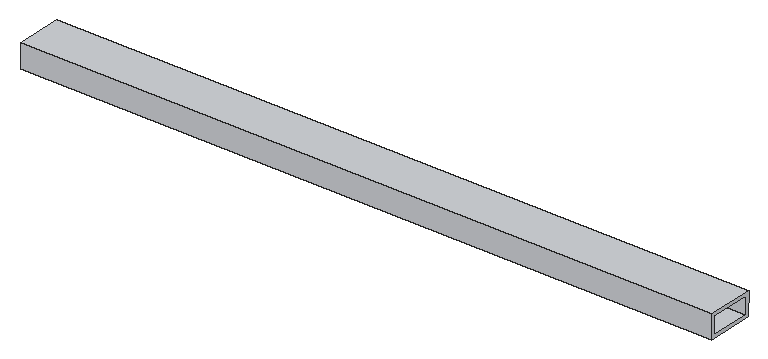
Revit family "RF_Stringer", category Обобщенные модели, Revit 2026
Family settings
  Может служить основой для арматурных стержней = Нет
  Размер круглого соединителя = Использовать диаметр
  Тип детали = Нормальный
  При загрузке вырезать с полостями = Нет
  Сохранять ориентацию аннотаций = Нет
  Общий = Нет
  Точка принадлежности помещению = Нет
Parameters (values of type "Верх_80x40")
  Default Elevation = 0 mm
  built-in parameter 1001306 [instance] = 1200 mm
  RF_Wall_Thickness = 0 mm
  RF_Stringer_Type [instance] = ""
  RF_Profile_Width = 80 mm
  RF_Profile_Height = 40 mm
  RF_Mark [instance] = ""
  RF_Direction_Axis [instance] = ""
Types (4, lengths in mm): name | RF_Profile_Width | RF_Profile_Height
  Верх_80x40 | 80 | 40
  Низ_40x80 | 40 | 80
  100x40x5 | 40 | 80
  80x50x5 | 40 | 80
Reference planes
  plane 1 "По центру (Вперед/Назад)": y = 0
  plane 2: z = 0
  plane 3 "Слева": x = 0
  plane 4 "Справа": x = 1200
  plane 5: y = 40
  plane 6: y = -40
  plane 7: z = 40
  plane 8: y = 35
  plane 9: y = -35
  plane 10: z = 35
  plane 11: z = 5
Forms (mm)
  Extrusion 1, solid
    sketch origin (0, 0, 45) x (0, 1, 0) y (0, 0, 1)
      loop
        line (40, -5) -> (-40, -5) -> (-40, -45) -> (40, -45) -> (40, -5)
      loop
        line (35, -10) -> (-35, -10) -> (-35, -40) -> (35, -40) -> (35, -10)
    from 0 to 1200
Lines and regions (mm)
  reference lines
    curve 1: line (0, 0, 0) -> (1200, 0, 0)
Dimensions and locks
  "built-in parameter 1001306": plane 3 "Слева" to plane 4 "Справа"
  "RF_Profile_Width": plane 5 to plane 6
  equal spacing: plane 5, plane 1 "По центру (Вперед/Назад)", plane 6
  "RF_Profile_Height": plane 7 to level
  plane 7 to plane 10 = 5 mm
  plane 9 to plane 6 = 5 mm
  plane 5 to plane 8 = 5 mm
  plane 11 to plane 2 = 5 mm
  aligned and locked: plane 4 "Справа" to curve 1
  aligned and locked: plane 1 "По центру (Вперед/Назад)" to curve 1
  aligned and locked: plane 3 "Слева" to curve 1
  aligned and locked: level to plane 2
  aligned and locked: Extrusion 1 to curve 1
  aligned and locked: plane 5 to Extrusion 1
  aligned and locked: Extrusion 1 to plane 6
  aligned and locked: plane 7 to Extrusion 1
  aligned and locked: plane 10 to Extrusion 1 sketch curve
  aligned and locked: Extrusion 1 sketch curve to plane 8
  aligned and locked: plane 9 to Extrusion 1 sketch curve
  aligned and locked: Extrusion 1 to level
  aligned and locked: plane 11 to Extrusion 1
Automatic sketch dimensions
  Extrusion 1 sketch curve to plane 6 = 0 mm
  Extrusion 1 sketch curve to plane 5 = 0 mm
  plane 7 to Extrusion 1 sketch curve = 0 mm
  level to Extrusion 1 sketch curve = 5 mm
  Extrusion 1 sketch curve to Extrusion 1 sketch curve = 5 mm
